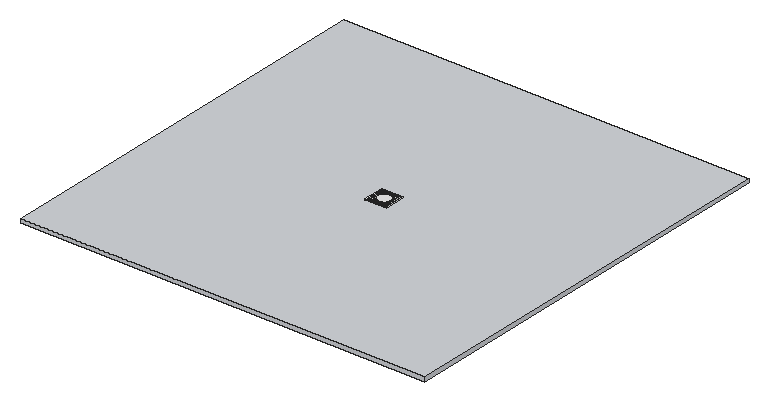
Revit family
Parameters (values of type "2LIGHT MINI E 1/18W LED Dimmable")
  Width = 127 mm  # constant formula
  Wattage = 7.40531 W
  built-in parameter 1150110 = 1 (stored number, unit not read)
  URL = "http://www.zumtobel.com/60812336"
  built-in parameter 1114217 = 1 (stored number, unit not read)
  Tilt Angle = -90.00°
  built-in parameter 1150109 = 1 (stored number, unit not read)
  built-in parameter 1150134 = 3
  built-in parameter 1150113 = 1 (stored number, unit not read)
  Photometric Web File = "ST6167.IES"
  Model = "60812336"
  Manufacturer = "Zumtobel Lighting"  # constant formula
  built-in parameter 1150105 = 87.535 (stored number, unit not read)
  Lumens = 1100 lm
  built-in parameter 1150115 = 1 (stored number, unit not read)
  built-in parameter 1150137 = (empty or 0)
  built-in parameter 1150139 = (empty or 0)
  Length = 170 mm  # constant formula
  built-in parameter 1150112 = 1 (stored number, unit not read)
  built-in parameter 1150114 = 1 (stored number, unit not read)
  Lamp = "LED"
  built-in parameter 1150132 = 2
  built-in parameter 1150102 = (empty or 0)
  built-in parameter 1150107 = 3200 (stored number, unit not read)
  built-in parameter 1150138 = (empty or 0)
  built-in parameter 1150106 = 0.87535 (stored number, unit not read)
  Height = 123 mm  # constant formula
  Emit from Rectangle Width = 108.5 mm
  Emit from Rectangle Length = 108.5 mm
  Emit Shape Visible in Rendering = yes
  built-in parameter 1150104 = 13.8 (stored number, unit not read)
  Dimming Lamp Color Temperature Shift = (empty or 0)
  Description = "LED ceiling-recessed luminaire"  # constant formula
  Default Elevation = 0 mm
  Color Filter = 16777215
  Body [instance] = Zumtobel_Metal_White
  built-in parameter 1114218 = 1 (stored number, unit not read)
  built-in parameter 1150133 = 10 (stored number, unit not read)
  Assembly Code = "D5020210"
  Apparent Load = 20 VA
Reference planes
  plane 1 "Center (Front/Back)": y = 0
  plane 2 "Top": z = 0
  plane 3 "Center (Left/Right)": x = -0.5
  plane 4: z = 2.8
  plane 5: z = 2.8
  plane 6: z = -150
  plane 7: x = -61
  plane 8: z = -28
  plane 9: x = 439
  plane 10: x = 61
  plane 11 "Cut Left": y = 60.5
  plane 12: y = -60.5
  plane 13: z = -48
  plane 14: x = -54.745
  plane 15: x = 53.745
  plane 16: z = -45.2
  plane 17: x = -42.745
Forms (mm)
  Extrusion 1, solid
    sketch origin (0, 0, 0) x (1, 0, 0) y (0, 1, 0)
      loop
        line (-1219.2, 1219.2) -> (-1219.2, -1219.2) -> (1219.2, -1219.2) -> (1219.2, 1219.2) -> (-1219.2, 1219.2)
    from 0 to -25
  Extrusion 2, void
    sketch origin (0, 60.5, 0) x (0, 0, 1) y (-1, 0, 0)
      loop
        line (-150, -389) -> (-28, -389) -> (-28, 111) -> (-150, 111) -> (-150, -389)
    from -50 to 450
  Extrusion 3, void
    sketch origin (0, 0, 0) x (1, 0, 0) y (0, 0, 1)
      loop
        line (-61, 0) -> (-61, -28) -> (61, -28) -> (61, 0) -> (-61, 0)
    from -60.5 to 60.5
  Extrusion 4, solid, material "Zumtobel_Metal_White" <- "Body"
    sketch origin (0, 0, 0) x (1, 0, 0) y (0, 0, 1)
      loop
        line (-50.5, -45.2) -> (-50.5, -92) -> (-22.5, -120) -> (119.5, -120) -> (119.5, -72) -> (49.5, -72) -> (49.5, -45.2) -> (-50.5, -45.2)
    from -50 to 50
  Sweep 5, solid, material "Zumtobel_Metal_White" <- "Body"
    path origin (0, 0, 0) x (1, 0, 0) y (0, 1, 0)
      loop
        line (-54.745, 54.245) -> (-54.745, -54.245) -> (53.745, -54.245) -> (53.745, 54.245) -> (-54.745, 54.245)
    profile origin (-54.745, 0, 0) x (1, 0, 0) y (0, 0, 1)
      loop
        line (-9.255, 2.8) -> (-9.255, 0) -> (-3.255, 0) -> (-3.255, -48) -> (4.245, -48) -> (4.245, -45.2) -> (0, -45.2) -> (0, 2.8) -> (-9.255, 2.8)
  Extrusion 6, solid, material "Zumtobel_Metal_White" <- "Body"
    sketch origin (0, 0, 0) x (1, 0, 0) y (0, 1, 0)
      loop
        line (-53.245, 52.745) -> (-53.245, -52.745) -> (52.245, -52.745) -> (52.245, 52.745) -> (-53.245, 52.745)
      loop
        line (-50.245, 49.745) -> (-50.245, -49.745) -> (49.245, -49.745) -> (49.245, 49.745) -> (-50.245, 49.745)
    from -28 to 2.8
  Revolve 7, solid, material "Zumtobel_Metal_White" <- "Body"
    sketch origin (0, 0, 0) x (1, 0, 0) y (0, 0, 1)
      loop
        line (-47.745, 2.8) -> (-47.745, -45.2) -> (-0.5, -45.2) -> (-0.5, -39.445)
        arc (-0.5, -39.445) -> (-30.372, -27.072) -> (-42.745, 2.8) r 42.245
        line (-42.745, 2.8) -> (-47.745, 2.8)
      axis (-0.5, -45.2) -> (-0.5, 2.8)
    angle from 0 to 360
  Extrusion 8, solid, material "Zumtobel_Waveguide"
    sketch origin (0, 0, 0) x (1, 0, 0) y (0, 1, 0)
      loop
        line (-50.245, 49.745) -> (-50.245, -49.745) -> (49.245, -49.745) -> (49.245, 49.745) -> (-50.245, 49.745)
      loop
        circle (-0.5, 0) r 47.245
      loop
        circle (-0.5, 0) r 42.245
    from 0 to 2.8
Cuts and joins
  joined: Extrusion 4, Sweep 5
Dimensions and locks
  locked: plane 5 to plane 2 "Top" at 2.8
  locked: plane 2 "Top" to plane 6 at 150
  locked: plane 2 "Top" to plane 8 at 28
  locked: plane 7 to Extrusion 2 sketch curve at 50
  locked: Extrusion 2 sketch curve to Extrusion 2 sketch curve at 500
  locked: plane 8 to plane 13 at 20
  aligned and locked: plane 2 "Top" to Extrusion 1
  aligned and locked: level to Extrusion 1
  aligned and locked: plane 4 to imposter light
  aligned and locked: Extrusion 3 to plane 11 "Cut Left"
  aligned and locked: Extrusion 3 to plane 12
  aligned and locked: Extrusion 6 to plane 8
  aligned and locked: plane 5 to Extrusion 6
  aligned and locked: plane 5 to Extrusion 8
  aligned and locked: plane 5 to imposter light
Connectors
  electrical at (-0.5, 0, 0), driven by "Apparent Load"
    settings: index 1
